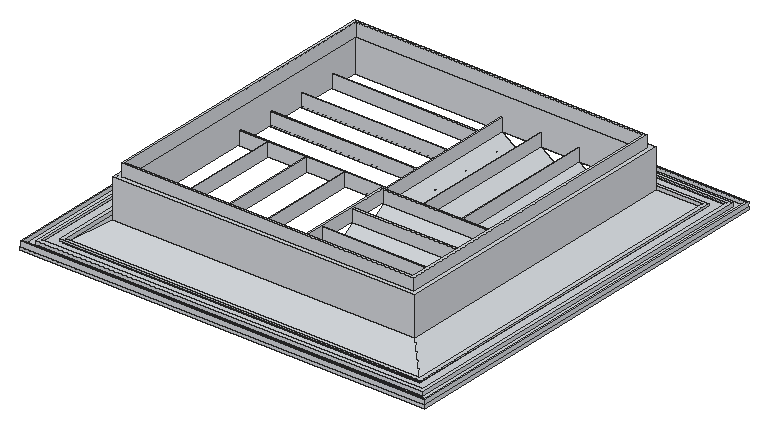
Revit family "QC-MS-4WAY", category Generic Models, Revit 2018
Family settings
  Can host rebar = No
  Round Connector Dimension = Use Diameter
  Part Type = Normal
  Work Plane-Based = No
  Always vertical = Yes
  Cut with Voids When Loaded = No
  Shared = No
  Room Calculation Point = No
Parameters (values of type "QC-MS-12X12-4WAY")
  Thickness = 0' - 0 7/128"  # constant formula
  NOMINAL DUCT WID = 1' - 0"
  NOMINAL DUCT HI = 1' - 0"
  Model = "QC-MS"
  Manufacturer = "ANEMOSTAT PRODUCTS"
  FRAMEGAP = 0' 0 1/4" / 2  # 0' - 0 1/8"
  FACEPLATE = 0' 3 3/4" / 2  # 0' - 1 7/8"
  F9 = 35.20°  # constant formula
  F8 = 0' - 0 49/256"  # constant formula
  F7 = 0' - 0 7/64"  # constant formula
  F6 = 0' - 0 51/256"  # constant formula
  F5 = 0' - 0 133/256"  # constant formula
  F4 = 0' - 1 15/32"  # constant formula
  F3 = 0' - 0 3/4"  # constant formula
  F2 = 0' - 1 9/128"  # constant formula
  F12 = 0' - 0 33/256"  # constant formula
  F11 = 0' - 0 9/32"  # constant formula
  F10 = 0' - 0 25/64"  # constant formula
  F1 = 0' - 1"  # constant formula
  Description = "STEEL MODULAR CORE DIFFUSER W/ LATTICE FACE PLATE"
  BLADES = 4
  BLADE4WUP = QC-BLADE : QC-BLADE
  BLADE4WR = QC-BLADE : QC-BLADE
  BLADE4WLEFT = QC-BLADE : QC-BLADE
  BLADE4WDOWN = QC-BLADE : QC-BLADE
  BLADE4WAY = NOMINAL DUCT HI / 2.15  # 0' - 5.5814"
Types (11): name | NOMINAL DUCT WID | NOMINAL DUCT HI | BLADES | BLADE4WAY
  (no name) | 1' - 0" | 1' - 0" | 4 | 0' - 5.5814"
  QC-MS-20X20-4WAY | 1' - 8" | 1' - 8" | 7 | 0' - 9.30233"
  QC-MS-22X22-4WAY | 1' - 10" | 1' - 10" | 7 | 0' - 10.23256"
  QC-MS-24X24-4WAY | 2' - 0" | 2' - 0" | 8 | 0' - 11.16279"
  QC-MS-18X18-4WAY | 1' - 6" | 1' - 6" | 6 | 0' - 8.37209"
  QC-MS-16X16-4WAY | 1' - 4" | 1' - 4" | 5 | 0' - 7.44186"
  QC-MS-14X14-4WAY | 1' - 2" | 1' - 2" | 5 | 0' - 6.51163"
  QC-MS-12X12-4WAY | 1' - 0" | 1' - 0" | 4 | 0' - 5.5814"
  QC-MS-10X10-4WAY | 0' - 10" | 0' - 10" | 4 | 0' - 4.65116"
  QC-MS-08X08-4WAY | 0' - 8" | 0' - 8" | 3 | 0' - 3.72093"
  QC-MS-06X06-4WAY | 0' - 6" | 0' - 6" | 2 | 0' - 2.7907"
Reference planes (in)
  plane 1 "Center (Front/Back)": y = 0
  plane 2: z = 0
  plane 3 "Center (Left/Right)": x = 0
  plane 4: x = -6
  plane 5: x = 6
  plane 6: z = 0.75
  plane 7: z = 2.21875
  plane 8: x = -7.07031
  plane 9: x = -8.07031
  plane 10: x = -5.875
  plane 11: x = 5.875
  plane 12: z = 2.73828
  plane 13: x = -5.67578
  plane 14: y = 6
  plane 15: y = -6
  plane 16: y = 5.875
  plane 17: y = -5.875
  plane 18: x = 0.05469
  plane 19: x = -0.05469
  plane 20: y = 0.05469
  plane 21: y = -0.05469
  plane 22: z = 1.46875
Forms (in)
  Extrusion 1, solid
    sketch origin (0, 0, 0) x (1, 0, 0) y (0, 1, 0)
      loop
        line (7.875, 7.875) -> (-7.875, 7.875) -> (-7.875, -7.875) -> (7.875, -7.875) -> (7.875, 7.875)
    from 0 to 0.10938
  Sweep 2, solid
    path in 3D
      loop
        line (-7.875, -7.875, 0.10937) -> (7.875, -7.875, 0.10937) -> (7.875, 7.875, 0.10937) -> (-7.875, 7.875, 0.10937) -> (-7.875, -7.875, 0.10937)
    profile origin (-7.875, 0, 0.10937) x (1, 0, 0) y (0, 0, 1)
      loop
        line (0, 0) -> (1.0078, 0) -> (2.05469, 0.7385) -> (2.05469, 2.20725) -> (2.25391, 2.20725) -> (2.25391, 2.72678) -> (2.19922, 2.72678) -> (2.19922, 2.26194) -> (2, 2.26194) -> (2, 0.76685) -> (0.98438, 0.0504) -> (0.98438, 0.19141) -> (0.85547, 0.19141) -> (0.85547, 0.12679) -> (0.92969, 0.12679) -> (0.92969, 0.05469) -> (0.39062, 0.05469) -> (0.39062, 0.12679) -> (0.46484, 0.12679) -> (0.46484, 0.19141) -> (0.33594, 0.19141) -> (0.33594, 0.05469) -> (0.05469, 0.05469) -> (0.05469, 0.19141) -> (0, 0.19141) -> (0, 0)
  Extrusion 3, void
    sketch origin (0, 0, 0) x (1, 0, 0) y (0, 1, 0)
      loop
        line (-7.01953, 7.01953) -> (-7.01953, -7.01953) -> (7.01953, -7.01953) -> (7.01953, 7.01953) -> (-7.01953, 7.01953)
    from 0 to 0.10938
Cuts and joins
  Extrusion 3 cuts Extrusion 1
  Extrusion 3 cuts Sweep 2
Lines and regions (in)
  sketch lines
    curve 1: line (-7.875, 7.875, 0.10937) -> (-7.875, -7.875, 0.10937)
    curve 2: line (-7.875, -7.875, 0.10937) -> (7.875, -7.875, 0.10937)
    curve 3: line (7.875, -7.875, 0.10937) -> (7.875, 7.875, 0.10937)
    curve 4: line (7.875, 7.875, 0.10937) -> (-7.875, 7.875, 0.10937)
Dimensions and locks (in)
  equal spacing: plane 5, plane 3 "Center (Left/Right)", plane 4
  "NOMINAL DUCT WID": plane 5 to plane 4
  "F3": plane 6 to level
  "F4": plane 7 to plane 6
  "F2": plane 4 to plane 8
  "F1": plane 8 to plane 9
  "FRAMEGAP": plane 10 to plane 4
  "FRAMEGAP": plane 5 to plane 11
  "F5": plane 12 to plane 7
  "F6": plane 13 to plane 10
  equal spacing: plane 14, plane 1 "Center (Front/Back)", plane 15
  "NOMINAL DUCT HI": plane 14 to plane 15
  plane 4 to plane 5 = 1' - 0"
  "FRAMEGAP": plane 14 to plane 16
  "FRAMEGAP": plane 17 to plane 15
  "FACEPLATE": plane 5 to Extrusion 1 sketch curve
  "FACEPLATE": Extrusion 1 sketch curve to plane 15
  "FACEPLATE": Extrusion 1 sketch curve to plane 4
  "FACEPLATE": Extrusion 1 sketch curve to plane 14
  "Thickness": Sweep 2 sketch curve to Sweep 2 sketch curve  (x7)
  "F5": Sweep 2 sketch curve to Sweep 2 sketch curve
  Sweep 2 sketch curve to Sweep 2 sketch curve = 0' - 1 15/32"
  Sweep 2 sketch curve to Extrusion 1 = 0' - 0.7385"
  Sweep 2 sketch curve to Sweep 2 sketch curve = 0' - 0 63/64"
  "F8": Sweep 2 sketch curve to Extrusion 1  (x3)
  "F4": Sweep 2 sketch curve to Sweep 2 sketch curve
  "F2": Sweep 2 sketch curve to Sweep 2 sketch curve
  "Thickness": Sweep 2 sketch curve to Extrusion 1
  "F10": Sweep 2 sketch curve to Sweep 2 sketch curve
  "F11": Sweep 2 sketch curve to Sweep 2 sketch curve
  "F12": Sweep 2 sketch curve to Sweep 2 sketch curve  (x2)
  "F6": Sweep 2 sketch curve to Sweep 2 sketch curve
  equal spacing: plane 19, plane 3 "Center (Left/Right)", plane 18
  equal spacing: plane 21, plane 1 "Center (Front/Back)", plane 20
  "F7": plane 19 to plane 18
  "F7": plane 20 to plane 21
  "F4": plane 22 to level
  equal spacing: group 1, group 2, group 5, group 6  (x3)
  equal spacing: group 3, group 4, group 7, group 8  (x2)
  equal spacing: group 8, group 7, group 4, group 3
  equal spacing: group 9, group 10, group 11, group 12  (x3)
  equal spacing: group 16, group 15, group 14, group 13
  equal spacing: group 13, group 14, group 15, group 16  (x2)
  "F9": angle Extrusion 1 to Sweep 2 sketch curve  (x2)
  aligned and locked: plane 2 to level
  aligned and locked: Sweep 2 sketch curve to Extrusion 1  (x2)
  aligned and locked: Extrusion 3 sketch curve to cut or joined group of Sweep 2, Extrusion 3  (x4)
  aligned and locked: nested 1 to plane 19
  aligned and locked: nested 4 to plane 22
  aligned and locked: nested 1 to plane 22
  aligned and locked: nested 2 to plane 18
  aligned and locked: nested 2 to plane 20
  aligned and locked: nested 1 to plane 21
  aligned and locked: nested 3 to plane 19
  aligned and locked: nested 4 to nested 1
  aligned and locked: nested 4 to plane 18
  aligned and locked: nested 3 to plane 22
  aligned and locked: nested 2 to plane 22
Automatic sketch dimensions
  profile plane to Sweep 2 sketch curve = 0' - 0 7/128"
  Sweep 2 sketch curve to Sweep 2 sketch curve = 0' - 0.06462"
  Sweep 2 sketch curve to Sweep 2 sketch curve = 0' - 0.0721"
Nested families (in)
  nested 1: "QC-BLADE" at (-0.05469, -0.05469, 0.19922), type <- "BLADE4WLEFT", type "QC-BLADE"
    with NOMINAL DUCT HI 0' - 11.86047", MIDBLADE 0' - 2.7907", BLADE4WAY 0' - 5.5814"
  nested 2: "QC-BLADE" at (0.05469, 0.05469, 0.19922) x (-1, 0, 0) z (0, 0, 1), type <- "BLADE4WR", type "QC-BLADE"
    with NOMINAL DUCT HI 0' - 11.86047", MIDBLADE 0' - 2.7907", BLADE4WAY 0' - 5.5814"
  nested 3: "QC-BLADE" at (-0.05469, 0.05469, 0.19922) x (0, -1, 0) z (0, 0, 1), type <- "BLADE4WUP", type "QC-BLADE"
    with NOMINAL DUCT HI 0' - 11.86047", MIDBLADE 0' - 2.7907", BLADE4WAY 0' - 5.5814"
  nested 4: "QC-BLADE" at (0.05469, -0.05469, 0.19922) x (0, 1, 0) z (0, 0, 1), type <- "BLADE4WDOWN", type "QC-BLADE"
    with NOMINAL DUCT HI 0' - 11.86047", MIDBLADE 0' - 2.7907", BLADE4WAY 0' - 5.5814"
  nested 5: "QC-BLADE" at (1.55469, 0.05469, 0.19922) x (-1, 0, 0) z (0, 0, 1), type <- "BLADE4WR", type "QC-BLADE"
    with NOMINAL DUCT HI 0' - 11.86047", MIDBLADE 0' - 2.7907", BLADE4WAY 0' - 5.5814"
  nested 6: "QC-BLADE" at (0.05469, -1.55469, 0.19922) x (0, 1, 0) z (0, 0, 1), type <- "BLADE4WDOWN", type "QC-BLADE"
    with NOMINAL DUCT HI 0' - 11.86047", MIDBLADE 0' - 2.7907", BLADE4WAY 0' - 5.5814"
  nested 7: "QC-BLADE" at (3.05469, 0.05469, 0.19922) x (-1, 0, 0) z (0, 0, 1), type <- "BLADE4WR", type "QC-BLADE"
    with NOMINAL DUCT HI 0' - 11.86047", MIDBLADE 0' - 2.7907", BLADE4WAY 0' - 5.5814"
  nested 8: "QC-BLADE" at (4.55469, 0.05469, 0.19922) x (-1, 0, 0) z (0, 0, 1), type <- "BLADE4WR", type "QC-BLADE"
    with NOMINAL DUCT HI 0' - 11.86047", MIDBLADE 0' - 2.7907", BLADE4WAY 0' - 5.5814"
  nested 9: "QC-BLADE" at (0.05469, -3.05469, 0.19922) x (0, 1, 0) z (0, 0, 1), type <- "BLADE4WDOWN", type "QC-BLADE"
    with NOMINAL DUCT HI 0' - 11.86047", MIDBLADE 0' - 2.7907", BLADE4WAY 0' - 5.5814"
  nested 10: "QC-BLADE" at (0.05469, -4.55469, 0.19922) x (0, 1, 0) z (0, 0, 1), type <- "BLADE4WDOWN", type "QC-BLADE"
    with NOMINAL DUCT HI 0' - 11.86047", MIDBLADE 0' - 2.7907", BLADE4WAY 0' - 5.5814"
  nested 11: "QC-BLADE" at (-0.05469, 1.55469, 0.19922) x (0, -1, 0) z (0, 0, 1), type <- "BLADE4WUP", type "QC-BLADE"
    with NOMINAL DUCT HI 0' - 11.86047", MIDBLADE 0' - 2.7907", BLADE4WAY 0' - 5.5814"
  nested 12: "QC-BLADE" at (-0.05469, 3.05469, 0.19922) x (0, -1, 0) z (0, 0, 1), type <- "BLADE4WUP", type "QC-BLADE"
    with NOMINAL DUCT HI 0' - 11.86047", MIDBLADE 0' - 2.7907", BLADE4WAY 0' - 5.5814"
  nested 13: "QC-BLADE" at (-0.05469, 4.55469, 0.19922) x (0, -1, 0) z (0, 0, 1), type <- "BLADE4WUP", type "QC-BLADE"
    with NOMINAL DUCT HI 0' - 11.86047", MIDBLADE 0' - 2.7907", BLADE4WAY 0' - 5.5814"
  nested 14: "QC-BLADE" at (-1.55469, -0.05469, 0.19922), type <- "BLADE4WLEFT", type "QC-BLADE"
    with NOMINAL DUCT HI 0' - 11.86047", MIDBLADE 0' - 2.7907", BLADE4WAY 0' - 5.5814"
  nested 15: "QC-BLADE" at (-3.05469, -0.05469, 0.19922), type <- "BLADE4WLEFT", type "QC-BLADE"
    with NOMINAL DUCT HI 0' - 11.86047", MIDBLADE 0' - 2.7907", BLADE4WAY 0' - 5.5814"
  nested 16: "QC-BLADE" at (-4.55469, -0.05469, 0.19922), type <- "BLADE4WLEFT", type "QC-BLADE"
    with NOMINAL DUCT HI 0' - 11.86047", MIDBLADE 0' - 2.7907", BLADE4WAY 0' - 5.5814"
Connectors (in)
  hvac at (0, 0, 2.37131), driven by "NOMINAL DUCT HI", driven by "NOMINAL DUCT WID"
    settings: on cut or joined group of Sweep 2, Extrusion 3, index 1, duct flow 0 CFM, flow factor 0, pres drop 0.00 in-wg, loss coef 0, conn angle 0.00°, conn width 12", conn height 12", conn diameter 24", duct sys type 1, conn prof type 1, flow config 0, flow direction 0, loss method 0, conn ref index -1, conn util no, is conn primary yes, conn desc ""
Definition of nested family "QC-BLADE"
  Parameters (values of type "QC-BLADE")
    Thickness = 0' - 0 7/128"  # constant formula
    NOMINAL DUCT WID = 0' - 6"
    NOMINAL DUCT HI = 0' - 6"
    Model = "QC-MS"
    Manufacturer = "ANEMOSTAT PRODUCTS"
    MIDBLADE = BLADE4WAY / 2  # 0' - 1.41176"
    FRAMEGAP = 0' 0 1/4" / 2  # 0' - 0 1/8"
    FACEPLATE = 0' 3 3/4" / 2  # 0' - 1 7/8"
    F9 = 35.20°  # constant formula
    F8 = 0' - 0 49/256"  # constant formula
    F7 = 0' - 0 7/64"  # constant formula
    F6 = 0' - 0 51/256"  # constant formula
    F5 = 0' - 0 133/256"  # constant formula
    F4 = 0' - 1 15/32"  # constant formula
    F3 = 0' - 0 3/4"  # constant formula
    F2 = 0' - 1 9/128"  # constant formula
    F12 = 0' - 0 33/256"  # constant formula
    F11 = 0' - 0 9/32"  # constant formula
    F10 = 0' - 0 25/64"  # constant formula
    F1 = 0' - 1"  # constant formula
    Description = "BLADE"
    BLADE4WAY = NOMINAL DUCT HI / 2.125  # 0' - 2.82353"
  Reference planes (in)
    plane 1 "Center (Front/Back)": y = 0
    plane 2: z = 0
    plane 3 "Center (Left/Right)": x = 0
    plane 4: x = -3
    plane 5: x = 3
    plane 6: z = 0.75
    plane 7: z = 2.21875
    plane 8: x = -4.07031
    plane 9: x = -5.07031
    plane 10: x = -2.875
    plane 11: x = 2.875
    plane 12: z = 2.73828
    plane 13: x = -2.67578
    plane 14: y = -3
    plane 15: y = -2.875
    plane 16: x = 0
    plane 17: y = -1.41176
  Forms (in)
    Extrusion 1, solid
      sketch origin (0, 0, 0) x (1, 0, 0) y (0, 0, 1)
        loop
          line (0.02734, 1.26953) -> (-0.02734, 1.26953) -> (-0.02734, 0.77835) -> (-1.06956, 0.04315) -> (-1.04297, -0.00502) -> (0.02734, 0.75) -> (0.02734, 1.26953)
      from 0 to 2.82353 <- "BLADE4WAY"
  Dimensions and locks (in)
    equal spacing: plane 5, plane 3 "Center (Left/Right)", plane 4
    "NOMINAL DUCT WID": plane 5 to plane 4
    "F3": plane 6 to level
    "F4": plane 7 to plane 6
    "F2": plane 4 to plane 8
    "F1": plane 8 to plane 9
    "FRAMEGAP": plane 10 to plane 4
    "FRAMEGAP": plane 5 to plane 11
    "F5": plane 12 to plane 7
    "F6": plane 13 to plane 10
    plane 1 "Center (Front/Back)" to plane 14 = 0' - 3"
    plane 4 to plane 5 = 0' - 6"
    "FRAMEGAP": plane 15 to plane 14
    "Thickness": Extrusion 1 sketch curve to Extrusion 1 sketch curve  (x2)
    "F5": Extrusion 1 sketch curve to Extrusion 1 sketch curve
    "F2": Extrusion 1 sketch curve to Extrusion 1 sketch curve
    locked: plane 16 to Extrusion 1 sketch curve at 0.02734
    "MIDBLADE": plane 17 to plane 1 "Center (Front/Back)"
    "F9": angle level to Extrusion 1 sketch curve  (x2)
    aligned and locked: plane 2 to level
    aligned and locked: plane 3 "Center (Left/Right)" to plane 16
  Automatic sketch dimensions
    Extrusion 1 sketch curve to plane 6 = 0' - 0"
    level to Extrusion 1 sketch curve = 0' - 0.04315"
